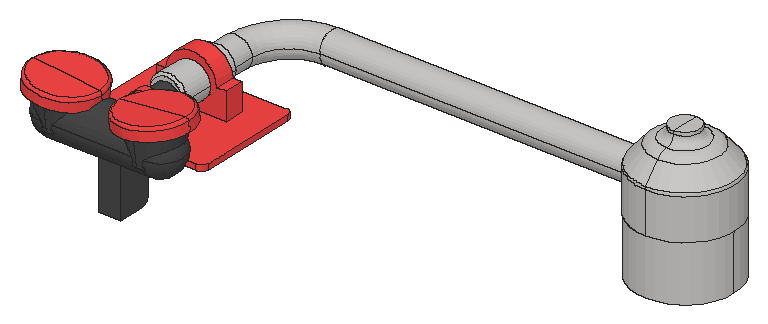
Revit family "Emergency_Equipment-Tepid-Swing_Over_Eye_Wash-S2260_S2261", category Plumbing Fixtures, Revit 2016
Family settings
  Part Type = Normal
  Round Connector Dimension = Use Diameter
  OmniClass Number = 23.45.05.14.24
  OmniClass Title = Eye Wash Fountains
  Work Plane-Based = Yes
  Always vertical = No
  Cut with Voids When Loaded = No
  Shared = No
  Room Calculation Point = No
Parameters (values of type "S2261-NP-NFT Right")
  nso [instance] = not([Swing Over / Actuate])  # yes
  Width = 1' - 2 77/256"  # constant formula
  Waste Connection = no
  Version = "2016-v1.0a"  # constant formula
  Vent Connection = no
  URL = "www.tepid.com"
  Swing Over / Actuate [instance] = no
  Right = not(Left)  # no
  Product Page URL = "http://www.tepid.com/products/s2260-np-nft-nana/"
  Product Name = "Deck Mounted Swing Out Eye Wash"  # constant formula
  Product Documentation Link = "http://www.tepid.com/wp-content/uploads/SpSh-S2260S2560.pdf"
  Pipe Finish = Metal - Stingray - Stainless Steel SS
  Model = "S2261-NP-NFT"
  Manufacturer Phone Number = "(888) 445-4142"  # constant formula
  Manufacturer Email = "customerservice@drenchshower.com"
  Manufacturer Address = "5330 East 25th Street Indianapolis Indiana 46218"  # constant formula
  Manufacturer = "Stingray Systems"  # constant formula
  Length = 1' - 2 77/256"  # constant formula
  Supply Connection = 1/2"  # constant formula
  Left = yes
  Height = 0' - 3 77/128"  # constant formula
  HW Connection = yes
  Filter = no
  Dimension Disclaimer = "Dimensions are ±0.50”. Design and specifications are subject to change without notice."  # constant formula
  Description = "Deck Mounted Eye Wash"  # constant formula
  Default Elevation = 4' - 0"
  Copyright = "© 2018 Stingray Systems"  # constant formula
  CW Connection = yes
  Angle [instance] = if(and(Left, [Swing Over / Actuate]), 90.00°, if(and(Right, [Swing Over / Actuate]), -90.00°, 0.00°))  # 0.00°
Types (5): name | Right | Model | Left | Filter
  (no name) | no | "S2261-NP-NFT" | yes | no
  S2261-NP-NFT Right | no | "S2261-NP-NFT" | yes | no
  S2260-NP-NFT Left | yes | "S2260-NP-NFT" | no | no
  S2260-NP-FLT Left | yes | "S2260-NP-FLT" | no | yes
  S2261-NP-FLT Right | no | "S2261-NP-FLT" | yes | yes
Reference planes (in)
  plane 1 "Center (Front/Back)": y = 0
  plane 2: z = 0
  plane 3 "Center (Left/Right)": x = 0
  plane 4 "R": z = 1.47976
  plane 5: z = 3.5
Forms (in)
  Extrusion 1, solid, material "Metal - Stingray - Stainless Steel SS" <- "Pipe Finish"
    sketch origin (0, 0, 5.37709) x (-1, 0, 0) y (0, -1, 0)
      loop
        circle (0, 0) r 1.3
    from -5.37709 to -3.89733
Lines and regions (in)
  reference lines
    curve 1: line (0, 0, 5.37709) -> (0, 6.5, 5.37709)
    curve 2: line (0, 0, 5.37709) -> (10.75, 0, 5.37709)
Dimensions and locks (in)
  locked: plane 4 "R" to plane 2 at 1.47976
  diameter of Extrusion 1 sketch curve = 0' - 2.6"
  locked: curve 2 to curve 1 (angle 90.00°)
  "Angle": angle plane 1 "Center (Front/Back)" to curve 2
  "Angle": angle plane 1 "Center (Front/Back)" to nested 1
  aligned and locked: plane 2 to level
  aligned and locked: plane 3 "Center (Left/Right)" to Extrusion 1 sketch curve
  aligned and locked: plane 1 "Center (Front/Back)" to Extrusion 1 sketch curve
  aligned and locked: Extrusion 1 to level
  aligned and locked: plane 4 "R" to Extrusion 1
  aligned and locked: plane 1 "Center (Front/Back)" to curve 1
  aligned and locked: plane 3 "Center (Left/Right)" to curve 1
  aligned and locked: curve 2 to nested 1
  aligned and locked: curve 1 to nested 1
Nested families (in)
  nested 1: "Swing_Over_Eye_Wash" at (0, 0, 1.47976) x (-1, 0, 0) z (0, 0, 1), type "Swing Over Eyewash"
Connectors (in)
  piping at (0, 0, 0), diameter 0.5, driven by "Supply Connection"
    settings: on Extrusion 1, index 1, connector inside diameter 24", connector length 0' - 0", flow factor 0, pipe flow 0 GPM, pressure drop 0.00 psi, fitting loss kfactor 0, connector angle 0.00°, fixture units 0, engagement length 0' - 0", angle of deflection 0.00°, flow configuration 0, flow direction 1, fitting loss method 0, system type 22, joint type 0, gender type 0, connector reference index -1, connector utility 0, adjustable connector no, is connector primary yes, connector description "Supply Connection"
Definition of nested family "Swing_Over_Eye_Wash"
  Parameters (values of type "Swing Over Eyewash")
    Width = 0' - 7 3/4"  # constant formula
    Waste Connection = no
    Version = "2015 v1.0a"  # constant formula
    Vent Connection = no
    URL = "www.tepid.com"
    Right = not(Left)  # no
    Product Page URL = ""
    Product Name = ""
    Product Documentation Link = ""
    Pipe Finish = none
    Model = ""
    Manufacturer Phone Number = "(888) 445-4142"  # constant formula
    Manufacturer Email = ""
    Manufacturer Address = "5330 East 25th Street Indianapolis Indiana 46218"  # constant formula
    Manufacturer = "Stingray Systems"  # constant formula
    Length = 1' - 2 1/2"  # constant formula
    Supply Connection = 1"  # constant formula
    Left = yes
    Height = 0' - 3 1/2"  # constant formula
    HW Connection = yes
    Drain Connection = 1"  # constant formula
    Description = ""
    Default Elevation = 4' - 0"
    Copyright = "© 2018 Stingray Systems"  # constant formula
    CW Connection = yes
  Reference planes (in)
    plane 1 "Center (Front/Back)": y = 0
    plane 2: z = 0
    plane 3 "Center (Left/Right)": x = 0
    plane 4 "C": x = 10.75
    plane 5 "c": z = 0.625
    plane 6 "L": y = 5.59375
    plane 7 "R": y = -5.59375
  Forms (in)
    Extrusion 1, solid, visible <- "Right"
      sketch origin (10.625, 2.12449, 2.40613) x (1, 0, 0) y (0, 1, 0)
        loop
          line (-1.41501, -6.81268) -> (1.66501, -6.81268)
          arc (1.66501, -6.81268) -> (1.80035, -6.75662) -> (1.85642, -6.62128) r 0.19141
          line (1.85642, -6.62128) -> (1.85642, -4.00409)
          arc (1.85642, -4.00409) -> (1.80035, -3.86875) -> (1.66501, -3.81268) r 0.19141
          line (1.66501, -3.81268) -> (-1.41394, -3.81268)
          arc (-1.41394, -3.81268) -> (-1.54929, -3.86875) -> (-1.60535, -4.00409) r 0.19141
          line (-1.60535, -4.00409) -> (-1.60535, -6.62235)
          arc (-1.60535, -6.62235) -> (-1.5496, -6.75694) -> (-1.41501, -6.81268) r 0.19034
      from -2.45774 to -2.602
    Revolve 2, solid, visible <- "Right"
      sketch origin (0, 0, 0.625) x (0, 1, 0) y (-1, 0, 0)
        loop
          arc (-5.59758, -8.80972) -> (-6.02665, -8.98745) -> (-6.20437, -9.41652) r 0.6068
          line (-6.20437, -9.41652) -> (-6.20437, -12.08348)
          arc (-6.20437, -12.08348) -> (-6.02665, -12.51255) -> (-5.59758, -12.69028) r 0.6068
          line (-5.59758, -12.69028) -> (-5.59758, -8.80972)
        axis (-5.59758, -8.80972) -> (-5.59758, -12.69028)
      angle from 0 to 360
    Revolve 3, solid, visible <- "Right"
      sketch origin (0, -5.59375, 0) x (1, 0, 0) y (0, 0, 1)
        loop
          line (9.60703, 1.53577) -> (9.57192, 1.20179) -> (10.50229, 1.104) -> (10.5288, 1.35617)
          arc (10.5288, 1.35617) -> (10.51442, 1.40777) -> (10.47542, 1.4445) r 0.09978
          line (10.47542, 1.4445) -> (9.60703, 1.53577)
        axis (9.57192, 1.20179) -> (9.60703, 1.53577)
      angle from 0 to 360
    SweptBlend 4, solid, visible <- "Right"
      path origin (10.75, 0, 0) x (0, -1, 0) y (0, 0, 1)
        loop
          line (5.59375, 0.38887) -> (5.59375, 1.30447)
      profile origin (10.75, -5.59375, 0.38887) x (0, 1, 0) y (-1, 0, 0)
        loop
          circle (0, 1.19806) r 0.59209
      end profile origin (10.75, -5.59375, 1.30447) x (0, 1, 0) y (-1, 0, 0)
        loop
          circle (0, 1.19806) r 0.72537
    Revolve 5, solid
      sketch origin (0, 0, -1.49204) x (0, 1, 0) y (0, 0, 1)
        loop
          line (0, 1.49204) -> (1.30913, 1.49204) -> (1.30913, 2.57383)
          arc (1.30913, 2.57383) -> (1.3032, 2.61564) -> (1.28792, 2.655) r 0.18435
          line (1.28792, 2.655) -> (0.89023, 3.11107)
          arc (0.89023, 3.11107) -> (0.75781, 3.21315) -> (0.59635, 3.25661) r 0.42729
          arc (0.59635, 3.25661) -> (0.43978, 3.33206) -> (0.37929, 3.495) r 0.23246
          line (0.37929, 3.495) -> (0.37929, 3.5756) -> (0, 3.5756) -> (0, 1.49204)
        axis (0, 1.49204) -> (0, 3.5756)
      angle from 0 to 360
    Extrusion 6, solid, visible <- "Right"
      sketch origin (10.625, 0.98297, 0.625) x (0, 0, -1) y (1, 0, 0)
        loop
          arc (-0.04972, 0.79978) -> (-0.67661, 0.125) -> (-0.04972, -0.54978) r 0.67661
          line (-0.04972, -0.54978) -> (-0.04972, -0.79978) -> (0.67661, -0.79978) -> (0.67661, 1.04978) -> (-0.04972, 1.04978) -> (-0.04972, 0.79978)
        loop
          circle (0, 0.125) r 0.48438
      from 3.36087 to 3.87291
    Extrusion 7, solid, visible <- "Right"
      sketch origin (10.75, 0.98297, 0.625) x (0, 0, -1) y (1, 0, 0)
        loop
          arc (0, 0.41953) -> (-0.41953, 0) -> (0, -0.41953) r 0.41953
          line (0, -0.41953) -> (0.625, -0.41953) -> (0.625, 0.41953) -> (0, 0.41953)
        loop
          circle (0, 0) r 0.3125
      from 5.24199 to 5.49502
    Extrusion 8, solid, visible <- "Right"
      sketch origin (10.73634, 6.40917, 0.625) x (0, 0, 1) y (0, -1, 0)
        loop
          line (0, 12) -> (-2.05923, 12) -> (-2.05923, 11.29429)
          arc (-2.05923, 11.29429) -> (-2.00745, 11.16929) -> (-1.88245, 11.11752) r 0.17678
          line (-1.88245, 11.11752) -> (0, 11.11752) -> (0, 12)
      from -0.27171 to 0.29904
    Revolve 9, solid, visible <- "Right"
      sketch origin (0, -5.59375, 0) x (1, 0, 0) y (0, 0, 1)
        loop
          line (11.89297, 1.53577) -> (11.02458, 1.4445)
          arc (11.02458, 1.4445) -> (10.98558, 1.40777) -> (10.9712, 1.35617) r 0.09978
          line (10.9712, 1.35617) -> (10.99771, 1.104) -> (11.92808, 1.20179) -> (11.89297, 1.53577)
        axis (11.92808, 1.20179) -> (11.89297, 1.53577)
      angle from 0 to 360
    SweptBlend 10, solid, visible <- "Right"
      path origin (10.75, 0, 0) x (0, -1, 0) y (0, 0, 1)
        loop
          line (5.59375, 0.38887) -> (5.59375, 1.30447)
      profile origin (10.75, -5.59375, 0.38887) x (0, 1, 0) y (-1, 0, 0)
        loop
          circle (0, -1.19806) r 0.59209
      end profile origin (10.75, -5.59375, 1.30447) x (0, 1, 0) y (-1, 0, 0)
        loop
          circle (0, -1.19806) r 0.72537
    Revolve 11, solid, material <- "Pipe Finish", visible <- "Right"
      sketch origin (0, 0, 0.625) x (0, 1, 0) y (-1, 0, 0)
        loop
          line (-5.48503, -10.75) -> (-5.48503, -11.29817) -> (-4.64668, -11.0625) -> (-3.71484, -11.0625) -> (-3.71484, -11.16953) -> (-3.65, -11.23438) -> (-2.04396, -11.23438) -> (-2.04396, -10.75) -> (-5.48503, -10.75)
        axis (-2.04396, -10.75) -> (-5.48503, -10.75)
      angle from 0 to 360
    Sweep 12, solid, material <- "Pipe Finish", visible <- "Right"
      path origin (0, 0, 0.625) x (0, 1, 0) y (-1, 0, 0)
        loop
          line (-2.04396, -10.75) -> (-1.4038, -10.75)
          arc (-1.4038, -10.75) -> (-0.41116, -10.33884) -> (0, -9.3462) r 1.4038
          line (0, -9.3462) -> (0, 0)
      profile origin (4.6731, 0, 0.625) x (0, -1, 0) y (0, 0, 1)
        loop
          circle (0, 0) r 0.40625
    Revolve 13, solid, material <- "Pipe Finish", visible <- "Left"
      sketch origin (0, 0, 0.625) x (0, -1, 0) y (-1, 0, 0)
        loop
          line (-5.48503, -10.75) -> (-5.48503, -11.29817) -> (-4.64668, -11.0625) -> (-3.71484, -11.0625) -> (-3.71484, -11.16953) -> (-3.65, -11.23438) -> (-2.04396, -11.23438) -> (-2.04396, -10.75) -> (-5.48503, -10.75)
        axis (-2.04396, -10.75) -> (-5.48503, -10.75)
      angle from 0 to 360
    Sweep 14, solid, material <- "Pipe Finish", visible <- "Left"
      path origin (0, 0, 0.625) x (0, -1, 0) y (-1, 0, 0)
        loop
          line (-2.04396, -10.75) -> (-1.4038, -10.75)
          arc (-1.4038, -10.75) -> (-0.41116, -10.33884) -> (0, -9.3462) r 1.4038
          line (0, -9.3462) -> (0, 0)
      profile origin (4.6731, 0, 0.625) x (0, -1, 0) y (0, 0, 1)
        loop
          circle (0, 0) r 0.40625
    Extrusion 15, solid, visible <- "Left"
      sketch origin (10.625, -2.12449, 2.40613) x (-1, 0, 0) y (0, -1, 0)
        loop
          arc (1.41501, -6.81268) -> (1.5496, -6.75694) -> (1.60535, -6.62235) r 0.19034
          line (1.60535, -6.62235) -> (1.60535, -4.00409)
          arc (1.60535, -4.00409) -> (1.54929, -3.86875) -> (1.41394, -3.81268) r 0.19141
          line (1.41394, -3.81268) -> (-1.66501, -3.81268)
          arc (-1.66501, -3.81268) -> (-1.80035, -3.86875) -> (-1.85642, -4.00409) r 0.19141
          line (-1.85642, -4.00409) -> (-1.85642, -6.62128)
          arc (-1.85642, -6.62128) -> (-1.80035, -6.75662) -> (-1.66501, -6.81268) r 0.19141
          line (-1.66501, -6.81268) -> (1.41501, -6.81268)
      from -2.45774 to -2.602
    Revolve 16, solid, visible <- "Left"
      sketch origin (0, 0, 0.625) x (0, -1, 0) y (-1, 0, 0)
        loop
          arc (-5.59758, -8.80972) -> (-6.02665, -8.98745) -> (-6.20437, -9.41652) r 0.6068
          line (-6.20437, -9.41652) -> (-6.20437, -12.08348)
          arc (-6.20437, -12.08348) -> (-6.02665, -12.51255) -> (-5.59758, -12.69028) r 0.6068
          line (-5.59758, -12.69028) -> (-5.59758, -8.80972)
        axis (-5.59758, -8.80972) -> (-5.59758, -12.69028)
      angle from 0 to 360
    Revolve 17, solid, visible <- "Left"
      sketch origin (0, 5.59375, 0) x (1, 0, 0) y (0, 0, 1)
        loop
          line (9.60703, 1.53577) -> (9.57192, 1.20179) -> (10.50229, 1.104) -> (10.5288, 1.35617)
          arc (10.5288, 1.35617) -> (10.51442, 1.40777) -> (10.47542, 1.4445) r 0.09978
          line (10.47542, 1.4445) -> (9.60703, 1.53577)
        axis (9.57192, 1.20179) -> (9.60703, 1.53577)
      angle from 0 to 360
    SweptBlend 18, solid, visible <- "Left"
      path origin (10.75, 0, 0) x (0, -1, 0) y (0, 0, 1)
        loop
          line (-5.59375, 0.38887) -> (-5.59375, 1.30447)
      profile origin (10.75, 5.59375, 0.38887) x (0, 1, 0) y (-1, 0, 0)
        loop
          circle (0, -1.19806) r 0.59209
      end profile origin (10.75, 5.59375, 1.30447) x (0, 1, 0) y (-1, 0, 0)
        loop
          circle (0, -1.19806) r 0.72537
    Extrusion 19, solid, visible <- "Left"
      sketch origin (10.625, -0.98297, 0.625) x (0, 0, -1) y (-1, 0, 0)
        loop
          line (-0.04972, -0.79978) -> (-0.04972, -1.04978) -> (0.67661, -1.04978) -> (0.67661, 0.79978) -> (-0.04972, 0.79978) -> (-0.04972, 0.54978)
          arc (-0.04972, 0.54978) -> (-0.67661, -0.125) -> (-0.04972, -0.79978) r 0.67661
        loop
          circle (0, -0.125) r 0.48438
      from 3.36087 to 3.87291
    Extrusion 20, solid, visible <- "Left"
      sketch origin (10.75, -0.98297, 0.625) x (0, 0, -1) y (-1, 0, 0)
        loop
          line (0, -0.41953) -> (0.625, -0.41953) -> (0.625, 0.41953) -> (0, 0.41953)
          arc (0, 0.41953) -> (-0.41953, 0) -> (0, -0.41953) r 0.41953
        loop
          circle (0, 0) r 0.3125
      from 5.24199 to 5.49502
    Extrusion 21, solid, visible <- "Left"
      sketch origin (10.73634, -6.40917, 0.625) x (0, 0, 1) y (0, -1, 0)
        loop
          line (0, -12) -> (0, -11.11752) -> (-1.88245, -11.11752)
          arc (-1.88245, -11.11752) -> (-2.00745, -11.16929) -> (-2.05923, -11.29429) r 0.17678
          line (-2.05923, -11.29429) -> (-2.05923, -12) -> (0, -12)
      from -0.27171 to 0.29904
    Revolve 22, solid, visible <- "Left"
      sketch origin (0, 5.59375, 0) x (1, 0, 0) y (0, 0, 1)
        loop
          line (11.89297, 1.53577) -> (11.02458, 1.4445)
          arc (11.02458, 1.4445) -> (10.98558, 1.40777) -> (10.9712, 1.35617) r 0.09978
          line (10.9712, 1.35617) -> (10.99771, 1.104) -> (11.92808, 1.20179) -> (11.89297, 1.53577)
        axis (11.92808, 1.20179) -> (11.89297, 1.53577)
      angle from 0 to 360
    SweptBlend 23, solid, visible <- "Left"
      path origin (10.75, 0, 0) x (0, -1, 0) y (0, 0, 1)
        loop
          line (-5.59375, 0.38887) -> (-5.59375, 1.30447)
      profile origin (10.75, 5.59375, 0.38887) x (0, 1, 0) y (-1, 0, 0)
        loop
          circle (0, 1.19806) r 0.59209
      end profile origin (10.75, 5.59375, 1.30447) x (0, 1, 0) y (-1, 0, 0)
        loop
          circle (0, 1.19806) r 0.72537
  Cuts and joins
    joined: Extrusion 1, Extrusion 6, Extrusion 7
    joined: Revolve 11, Sweep 12
    joined: Revolve 13, Sweep 14
    joined: Extrusion 15, Extrusion 19, Extrusion 20
    joined: Revolve 16, Extrusion 21
    joined: Revolve 2, Extrusion 8
  Lines and regions (in)
    Masking region 1, visible <- "Left", detail levels medium+fine
      outline origin (0, 0, 0.625) x (0, 1, 0) y (-1, 0, 0)
        loop
          arc (-0.40625, -9.3754) -> (0.11557, -10.6352) -> (1.37537, -11.15702) r 1.78162
          line (1.37537, -11.15702) -> (2.04396, -11.15702) -> (2.04396, -11.23438) -> (2.3779, -11.23438) -> (2.3779, -11.67478) -> (2.88994, -11.67478) -> (2.88994, -11.23438) -> (3.65, -11.23438) -> (3.71484, -11.16953) -> (3.71484, -11.0625) -> (4.25902, -11.0625) -> (4.25902, -11.16953) -> (4.51205, -11.16953) -> (4.51205, -11.0625) -> (4.64668, -11.0625) -> (4.99045, -11.15809) -> (4.99045, -11.19083)
          arc (4.99045, -11.19083) -> (5.59361, -12.83194) -> (6.19727, -11.19101) r 0.93145
          line (6.19727, -11.19101) -> (6.19727, -10.30899)
          arc (6.19727, -10.30899) -> (5.59361, -8.66806) -> (4.99045, -10.30917) r 0.93145
          line (4.99045, -10.30917) -> (4.99045, -10.34191) -> (4.64668, -10.4375) -> (4.51205, -10.4375) -> (4.51205, -10.33047) -> (4.25902, -10.33047) -> (4.25902, -10.4375) -> (3.71484, -10.4375) -> (3.71484, -10.33047) -> (3.65, -10.26563) -> (2.88994, -10.26563) -> (2.88994, -9.82522) -> (2.3779, -9.82522) -> (2.3779, -10.26563) -> (2.04396, -10.26563) -> (2.04396, -10.34452) -> (1.37537, -10.34452)
          arc (1.37537, -10.34452) -> (0.6901, -10.06067) -> (0.40625, -9.3754) r 0.96912
          line (0.40625, -9.3754) -> (0.40625, -1.2445)
          arc (0.40625, -1.2445) -> (0, 1.30913) -> (-0.40625, -1.2445) r 1.30913
          line (-0.40625, -1.2445) -> (-0.40625, -9.3754)
    Masking region 2, visible <- "Right", detail levels medium+fine
      outline origin (0, 0, 0.625) x (-1, 0, 0) y (0, -1, 0)
        loop
          line (-9.3754, -0.40625) -> (-1.2445, -0.40625)
          arc (-1.2445, -0.40625) -> (1.30913, 0) -> (-1.2445, 0.40625) r 1.30913
          line (-1.2445, 0.40625) -> (-9.3754, 0.40625)
          arc (-9.3754, 0.40625) -> (-10.06067, 0.6901) -> (-10.34452, 1.37537) r 0.96912
          line (-10.34452, 1.37537) -> (-10.34452, 2.04396) -> (-10.26563, 2.04396) -> (-10.26563, 2.3779) -> (-9.82522, 2.3779) -> (-9.82522, 2.88994) -> (-10.26563, 2.88994) -> (-10.26563, 3.65) -> (-10.33047, 3.71484) -> (-10.4375, 3.71484) -> (-10.4375, 4.25902) -> (-10.33047, 4.25902) -> (-10.33047, 4.51205) -> (-10.4375, 4.51205) -> (-10.4375, 4.64668) -> (-10.34191, 4.99045) -> (-10.30917, 4.99045)
          arc (-10.30917, 4.99045) -> (-8.66806, 5.59361) -> (-10.30899, 6.19727) r 0.93145
          line (-10.30899, 6.19727) -> (-11.19101, 6.19727)
          arc (-11.19101, 6.19727) -> (-12.83194, 5.59361) -> (-11.19083, 4.99045) r 0.93145
          line (-11.19083, 4.99045) -> (-11.15809, 4.99045) -> (-11.0625, 4.64668) -> (-11.0625, 4.51205) -> (-11.16953, 4.51205) -> (-11.16953, 4.25902) -> (-11.0625, 4.25902) -> (-11.0625, 3.71484) -> (-11.16953, 3.71484) -> (-11.23438, 3.65) -> (-11.23438, 2.88994) -> (-11.67478, 2.88994) -> (-11.67478, 2.3779) -> (-11.23438, 2.3779) -> (-11.23438, 2.04396) -> (-11.15702, 2.04396) -> (-11.15702, 1.37537)
          arc (-11.15702, 1.37537) -> (-10.6352, 0.11557) -> (-9.3754, -0.40625) r 1.78162
    Masking region 3, visible <- "Left", detail levels coarse
      outline origin (0, 0, 0.625) x (0, 1, 0) y (-1, 0, 0)
        loop
          line (-0.40625, -1.2445) -> (-0.40625, -9.3754)
          arc (-0.40625, -9.3754) -> (0.11512, -10.63411) -> (1.37383, -11.15548) r 1.78008
          line (1.37383, -11.15548) -> (4.6623, -11.15548) -> (4.6623, -11.90049)
          arc (4.6623, -11.90049) -> (5.59375, -12.83194) -> (6.5252, -11.90049) r 0.93145
          line (6.5252, -11.90049) -> (6.5252, -9.59951)
          arc (6.5252, -9.59951) -> (5.59375, -8.66806) -> (4.6623, -9.59951) r 0.93145
          line (4.6623, -9.59951) -> (4.6623, -10.34452) -> (1.37537, -10.34452)
          arc (1.37537, -10.34452) -> (0.6901, -10.06067) -> (0.40625, -9.3754) r 0.96912
          line (0.40625, -9.3754) -> (0.40625, -1.2445)
          arc (0.40625, -1.2445) -> (0, 1.30913) -> (-0.40625, -1.2445) r 1.30913
    Masking region 4, visible <- "Right", detail levels coarse
      outline origin (0, 0, 0.625) x (-1, 0, 0) y (0, -1, 0)
        loop
          arc (-1.2445, -0.40625) -> (1.30913, 0) -> (-1.2445, 0.40625) r 1.30913
          line (-1.2445, 0.40625) -> (-9.3754, 0.40625)
          arc (-9.3754, 0.40625) -> (-10.06067, 0.6901) -> (-10.34452, 1.37537) r 0.96912
          line (-10.34452, 1.37537) -> (-10.34452, 4.6623) -> (-9.59951, 4.6623)
          arc (-9.59951, 4.6623) -> (-8.66806, 5.59375) -> (-9.59951, 6.5252) r 0.93145
          line (-9.59951, 6.5252) -> (-11.90049, 6.5252)
          arc (-11.90049, 6.5252) -> (-12.83194, 5.59375) -> (-11.90049, 4.6623) r 0.93145
          line (-11.90049, 4.6623) -> (-11.15548, 4.6623) -> (-11.15548, 1.37383)
          arc (-11.15548, 1.37383) -> (-10.63411, 0.11512) -> (-9.3754, -0.40625) r 1.78008
          line (-9.3754, -0.40625) -> (-1.2445, -0.40625)
    Masking region 5, visible <- "Left", detail levels fine
      outline origin (0, 0, 0) x (1, 0, 0) y (0, 1, 0)
        loop
          line (12.29001, 4.68819) -> (9.20999, 4.68819)
          arc (9.20999, 4.68819) -> (9.0754, 4.63244) -> (9.01965, 4.49785) r 0.19034
          line (9.01965, 4.49785) -> (9.01965, 1.8796)
          arc (9.01965, 1.8796) -> (9.07571, 1.74425) -> (9.21106, 1.68819) r 0.19141
          line (9.21106, 1.68819) -> (12.28894, 1.68819)
          arc (12.28894, 1.68819) -> (12.42429, 1.74425) -> (12.48035, 1.8796) r 0.19141
          line (12.48035, 1.8796) -> (12.48035, 4.49785)
          arc (12.48035, 4.49785) -> (12.4246, 4.63244) -> (12.29001, 4.68819) r 0.19034
    Masking region 6, visible <- "Right", detail levels fine
      outline origin (0, 0, 0) x (0, -1, 0) y (1, 0, 0)
        loop
          arc (4.68819, 12.29001) -> (4.63244, 12.4246) -> (4.49785, 12.48035) r 0.19034
          line (4.49785, 12.48035) -> (1.8796, 12.48035)
          arc (1.8796, 12.48035) -> (1.74425, 12.42429) -> (1.68819, 12.28894) r 0.19141
          line (1.68819, 12.28894) -> (1.68819, 9.21106)
          arc (1.68819, 9.21106) -> (1.74425, 9.07571) -> (1.8796, 9.01965) r 0.19141
          line (1.8796, 9.01965) -> (4.49785, 9.01965)
          arc (4.49785, 9.01965) -> (4.63244, 9.0754) -> (4.68819, 9.20999) r 0.19034
          line (4.68819, 9.20999) -> (4.68819, 12.29001)
    Masking region 7, detail levels fine
      outline origin (0, 0, 0.625) x (0, 1, 0) y (-1, 0, 0)
        loop
          circle (0, 0) r 0.40625
    symbolic lines, detail levels fine
      curve 1: arc (1.2445, 0.40625, 0.625) -> (1.30913, 0, 0.625) -> (1.2445, -0.40625, 0.625) r 1.30913
    symbolic lines, visible <- "Left", detail levels fine
      curve 2: line (10.26563, 2.3779, 0.625) -> (11.23438, 2.3779, 0.625)
      curve 3: line (11.23438, 2.88994, 0.625) -> (10.26563, 2.88994, 0.625)
      curve 4: line (10.4375, 4.25902, 0.625) -> (11.0625, 4.25902, 0.625)
      curve 5: line (11.0625, 4.51205, 0.625) -> (10.4375, 4.51205, 0.625)
      curve 6: line (10.30917, 4.99045, 0.625) -> (11.19083, 4.99045, 0.625)
      curve 12: arc (10.31484, 6.19032, 0.625) -> (10.53095, 5.58935, 0.625) -> (10.30917, 4.99045, 0.625) r 0.93145
      curve 13: arc (11.18516, 6.19032, 0.625) -> (10.96905, 5.58935, 0.625) -> (11.19083, 4.99045, 0.625) r 0.93145
    symbolic lines, visible <- "Right", detail levels fine
      curve 7: line (10.26563, -2.3779, 0.625) -> (11.23438, -2.3779, 0.625)
      curve 8: line (11.23438, -2.88994, 0.625) -> (10.26563, -2.88994, 0.625)
      curve 9: line (10.4375, -4.25902, 0.625) -> (11.0625, -4.25902, 0.625)
      curve 10: line (11.0625, -4.51205, 0.625) -> (10.4375, -4.51205, 0.625)
      curve 11: line (10.30917, -4.99045, 0.625) -> (11.19083, -4.99045, 0.625)
      curve 14: arc (10.31484, -6.19032, 0.625) -> (10.53095, -5.58935, 0.625) -> (10.30917, -4.99045, 0.625) r 0.93145
      curve 15: arc (11.18516, -6.19032, 0.625) -> (10.96905, -5.58935, 0.625) -> (11.19083, -4.99045, 0.625) r 0.93145
  Dimensions and locks (in)
    Extrusion 1 sketch curve to Extrusion 1 sketch curve to Extrusion 1 sketch curve to plane 4 "C" to Extrusion 1 sketch curve to Extrusion 1 sketch curve to Extrusion 1 sketch curve = 0' - 0 49/256" locked, 0' - 0" locked, 0' - 1.54001" locked, 0' - 1.53894" locked, 0' - 0.00107" locked, 0' - 0.19034" locked
    plane 1 "Center (Front/Back)" to Extrusion 1 sketch curve to Extrusion 1 sketch curve to Extrusion 1 sketch curve to Extrusion 1 sketch curve to Extrusion 1 sketch curve to Extrusion 1 sketch curve = 0' - 1.68819" locked, 0' - 0 49/256" locked, 0' - 0" locked, 0' - 2 79/128" locked, 0' - 0.00107" locked, 0' - 0.19034" locked
    Revolve 2 sketch curve to Revolve 2 sketch curve to Revolve 2 sketch curve = 0' - 0.6068" locked, 0' - 0" locked
    plane 1 "Center (Front/Back)" to Revolve 2 sketch curve to Revolve 2 sketch curve to Revolve 2 sketch curve to Revolve 2 sketch curve = 0' - 5.59758" locked, 0' - 0" locked, 0' - 0.6068" locked, 0' - 0" locked
    SweptBlend 4 sketch curve to SweptBlend 4 sketch curve to plane 1 "Center (Front/Back)" = 0' - 0" locked, 0' - 5 19/32" locked
    locked: plane 1 "Center (Front/Back)" to SweptBlend 4 sketch curve at 5.59375  (x2)
    Revolve 3 sketch curve to Revolve 3 sketch curve to Revolve 3 sketch curve to Revolve 3 sketch curve to Revolve 3 sketch curve to plane 4 "C" = 0' - 0.0351" locked, 0' - 0.86839" locked, 0' - 0.02687" locked, 0' - 0.0265" locked, 0' - 0.2212" locked
    plane 5 "c" to Revolve 3 sketch curve to Revolve 3 sketch curve to Revolve 3 sketch curve to Revolve 3 sketch curve to Revolve 3 sketch curve = 0' - 0.479" locked, 0' - 0.09779" locked, 0' - 0.15438" locked, 0' - 0.08833" locked, 0' - 0.09127" locked
    Extrusion 6 sketch curve to plane 5 "c" to Extrusion 6 sketch curve to Extrusion 6 sketch curve = 0' - 0.67661" locked, 0' - 0.04972" locked, 0' - 0" locked
    Extrusion 7 sketch curve to plane 4 "C" to Extrusion 7 sketch curve = 0' - 0.41953" locked, 0' - 0.41953" locked
    Extrusion 8 sketch curve to Extrusion 8 sketch curve to Extrusion 8 sketch curve to plane 1 "Center (Front/Back)" = 0' - 0.70571" locked, 0' - 0.17678" locked, 0' - 4.70834" locked
    Extrusion 8 sketch curve to plane 2 to Extrusion 8 sketch curve to Extrusion 8 sketch curve = 0' - 0 5/8" locked, 0' - 1.25745" locked, 0' - 0.17678" locked
    locked: plane 3 "Center (Left/Right)" to plane 4 "C" at 10.75
    plane 1 "Center (Front/Back)" to SweptBlend 10 sketch curve to SweptBlend 10 sketch curve = 0' - 5 19/32" locked, 0' - 0" locked
    plane 4 "C" to Revolve 9 sketch curve to Revolve 9 sketch curve to Revolve 9 sketch curve to Revolve 9 sketch curve to Revolve 9 sketch curve = 0' - 0.2212" locked, 0' - 0.0265" locked, 0' - 0.02687" locked, 0' - 0.86839" locked, 0' - 0.0351" locked
    plane 5 "c" to Revolve 9 sketch curve to Revolve 9 sketch curve to Revolve 9 sketch curve to Revolve 9 sketch curve to Revolve 9 sketch curve = 0' - 0.479" locked, 0' - 0.09779" locked, 0' - 0.15438" locked, 0' - 0.08833" locked, 0' - 0.09127" locked
    locked: plane 5 "c" to level at 0.625
    Revolve 11 sketch curve to plane 4 "C" to Revolve 11 sketch curve to Revolve 11 sketch curve to Revolve 11 sketch curve to Revolve 11 sketch curve = 0' - 0" locked, 0' - 0 5/16" locked, 0' - 0.10703" locked, 0' - 0.06484" locked, 0' - 0.06379" locked
    plane 1 "Center (Front/Back)" to Revolve 11 sketch curve to Revolve 11 sketch curve to Revolve 11 sketch curve to Revolve 11 sketch curve to Revolve 11 sketch curve = 0' - 2.04396" locked, 0' - 1.60604" locked, 0' - 0.06484" locked, 0' - 0.93184" locked, 0' - 0.83835" locked
    Sweep 12 sketch curve to Sweep 12 sketch curve to plane 1 "Center (Front/Back)" = 0' - 0.64016" locked, 0' - 1.4038" locked
    Revolve 13 sketch curve to plane 4 "C" to Revolve 13 sketch curve to Revolve 13 sketch curve to Revolve 13 sketch curve to Revolve 13 sketch curve = 0' - 0" locked, 0' - 0 5/16" locked, 0' - 0.10703" locked, 0' - 0.06484" locked, 0' - 0.06379" locked
    plane 1 "Center (Front/Back)" to Revolve 13 sketch curve to Revolve 13 sketch curve to Revolve 13 sketch curve to Revolve 13 sketch curve to Revolve 13 sketch curve = 0' - 2.04396" locked, 0' - 1.60604" locked, 0' - 0.06484" locked, 0' - 0.93184" locked, 0' - 0.83835" locked
    Extrusion 15 sketch curve to Extrusion 15 sketch curve to Extrusion 15 sketch curve to plane 4 "C" to Extrusion 15 sketch curve to Extrusion 15 sketch curve to Extrusion 15 sketch curve = 0' - 0.19034" locked, 0' - 0.00107" locked, 0' - 1.53894" locked, 0' - 1.54001" locked, 0' - 0" locked, 0' - 0 49/256" locked
    plane 1 "Center (Front/Back)" to Extrusion 15 sketch curve to Extrusion 15 sketch curve to Extrusion 15 sketch curve to Extrusion 15 sketch curve to Extrusion 15 sketch curve to Extrusion 15 sketch curve = 0' - 1.68819" locked, 0' - 0 49/256" locked, 0' - 0" locked, 0' - 2 79/128" locked, 0' - 0.00107" locked, 0' - 0.19034" locked
    Revolve 16 sketch curve to Revolve 16 sketch curve to Revolve 16 sketch curve = 0' - 0.6068" locked, 0' - 0" locked
    plane 1 "Center (Front/Back)" to Revolve 16 sketch curve to Revolve 16 sketch curve to Revolve 16 sketch curve to Revolve 16 sketch curve = 0' - 5.59758" locked, 0' - 0" locked, 0' - 0.6068" locked, 0' - 0" locked
    plane 1 "Center (Front/Back)" to SweptBlend 18 sketch curve to SweptBlend 18 sketch curve = 0' - 5 19/32" locked, 0' - 0" locked
    plane 4 "C" to Revolve 17 sketch curve to Revolve 17 sketch curve to Revolve 17 sketch curve to Revolve 17 sketch curve to Revolve 17 sketch curve = 0' - 0.2212" locked, 0' - 0.0265" locked, 0' - 0.02687" locked, 0' - 0.86839" locked, 0' - 0.0351" locked
    plane 5 "c" to Revolve 17 sketch curve to Revolve 17 sketch curve to Revolve 17 sketch curve to Revolve 17 sketch curve to Revolve 17 sketch curve = 0' - 0.479" locked, 0' - 0.09779" locked, 0' - 0.15438" locked, 0' - 0.08833" locked, 0' - 0.09127" locked
    Extrusion 19 sketch curve to plane 5 "c" to Extrusion 19 sketch curve to Extrusion 19 sketch curve = 0' - 0.67661" locked, 0' - 0.04972" locked, 0' - 0" locked
    Extrusion 20 sketch curve to plane 4 "C" to Extrusion 20 sketch curve = 0' - 0.41953" locked, 0' - 0.41953" locked
    plane 1 "Center (Front/Back)" to Extrusion 21 sketch curve to Extrusion 21 sketch curve to Extrusion 21 sketch curve = 0' - 4.70834" locked, 0' - 0.17678" locked, 0' - 0.70571" locked
    Extrusion 21 sketch curve to level to Extrusion 21 sketch curve to Extrusion 21 sketch curve = 0' - 0 5/8" locked, 0' - 1.25745" locked, 0' - 0.17678" locked
    SweptBlend 23 sketch curve to SweptBlend 23 sketch curve to plane 1 "Center (Front/Back)" = 0' - 0" locked, 0' - 5 19/32" locked
    Revolve 22 sketch curve to Revolve 22 sketch curve to Revolve 22 sketch curve to Revolve 22 sketch curve to Revolve 22 sketch curve to plane 4 "C" = 0' - 0.0351" locked, 0' - 0.86839" locked, 0' - 0.02687" locked, 0' - 0.0265" locked, 0' - 0.2212" locked
    plane 5 "c" to Revolve 22 sketch curve to Revolve 22 sketch curve to Revolve 22 sketch curve to Revolve 22 sketch curve to Revolve 22 sketch curve = 0' - 0.479" locked, 0' - 0.09779" locked, 0' - 0.15438" locked, 0' - 0.08833" locked, 0' - 0.09127" locked
    Revolve 5 sketch curve to Revolve 5 sketch curve to Revolve 5 sketch curve to Revolve 5 sketch curve to Revolve 5 sketch curve to plane 1 "Center (Front/Back)" to Revolve 5 sketch curve to Revolve 5 sketch curve = 0' - 0.02122" locked, 0' - 0.39769" locked, 0' - 0.29388" locked, 0' - 0.21705" locked, 0' - 0.37929" locked, 0' - 0" locked, 0' - 0" locked
    Revolve 5 sketch curve to Revolve 5 sketch curve to Revolve 5 sketch curve to Revolve 5 sketch curve to Revolve 5 sketch curve to Revolve 5 sketch curve to plane 2 to Revolve 5 sketch curve = 0' - 0.08061" locked, 0' - 0.23839" locked, 0' - 0.14554" locked, 0' - 0.45607" locked, 0' - 0.08118" locked, 0' - 1.08179" locked, 0' - 0" locked
    plane 1 "Center (Front/Back)" to Sweep 14 sketch curve to Sweep 14 sketch curve = 0' - 1.4038" locked, 0' - 0.64016" locked
    locked: Sweep 14 sketch curve to plane 4 "C" at 1.4038
    locked: Sweep 12 sketch curve to plane 4 "C" at 1.4038
    Extrusion 8 to plane 4 "C" to Extrusion 8 = 0' - 0.28537" locked, 0' - 0.28537" locked
    Extrusion 21 to plane 4 "C" to Extrusion 21 = 0' - 0.28537" locked, 0' - 0.28537" locked
    Extrusion 20 to Extrusion 20 to Extrusion 19 to Extrusion 19 to plane 1 "Center (Front/Back)" to cut or joined group of Extrusion 1, Extrusion 6, Extrusion 7 to cut or joined group of Extrusion 1, Extrusion 6, Extrusion 7 to cut or joined group of Extrusion 1, Extrusion 6, Extrusion 7 to cut or joined group of Extrusion 1, Extrusion 6, Extrusion 7 = 0' - 0.25302" locked, 0' - 1.36909" locked, 0' - 0.51204" locked, 0' - 2.3779" locked, 0' - 2.3779" locked, 0' - 0.51204" locked, 0' - 1.36909" locked, 0' - 0.25302" locked
    Extrusion 19 sketch curve to Extrusion 19 sketch curve to plane 4 "C" to Extrusion 19 sketch curve to Extrusion 19 sketch curve = 0' - 0 1/4" locked, 0' - 0.67478" locked, 0' - 0.67478" locked, 0' - 0 1/4" locked
    Extrusion 6 sketch curve to Extrusion 6 sketch curve to plane 4 "C" to Extrusion 6 sketch curve to Extrusion 6 sketch curve = 0' - 0 1/4" locked, 0' - 0.67478" locked, 0' - 0.67478" locked, 0' - 0 1/4" locked
    plane 2 to cut or joined group of Extrusion 1, Extrusion 6, Extrusion 7 to Extrusion 15 to cut or joined group of Extrusion 1, Extrusion 6, Extrusion 7 to Extrusion 15 = 0' - 0.05161" locked, 0' - 0" locked, 0' - 0.14426" locked, 0' - 0" locked
    Revolve 2 sketch curve to Revolve 2 sketch curve to plane 4 "C" to Revolve 2 sketch curve to Revolve 2 sketch curve = 0' - 0.6068" locked, 0' - 1.33348" locked, 0' - 1.33348" locked, 0' - 0.6068" locked
    Revolve 16 sketch curve to Revolve 16 sketch curve to plane 4 "C" to Revolve 16 sketch curve to Revolve 16 sketch curve = 0' - 0.6068" locked, 0' - 1.33348" locked, 0' - 1.33348" locked, 0' - 0.6068" locked
    locked: plane 4 "C" to SweptBlend 10 sketch curve at 1.19806  (x2)
    locked: SweptBlend 10 sketch curve to plane 1 "Center (Front/Back)" at 5.59375  (x2)
    locked: SweptBlend 4 sketch curve to plane 4 "C" at 1.19806  (x2)
    locked: SweptBlend 23 sketch curve to plane 4 "C" at 1.19806  (x2)
    locked: plane 1 "Center (Front/Back)" to SweptBlend 23 sketch curve at 5.59375  (x2)
    locked: plane 4 "C" to SweptBlend 18 sketch curve at 1.19806  (x2)
    locked: plane 1 "Center (Front/Back)" to SweptBlend 18 sketch curve at 5.59375  (x2)
    plane 6 "L" to plane 1 "Center (Front/Back)" to plane 7 "R" = 0' - 5 19/32" locked, 0' - 5 19/32" locked
    Masking region 1 sketch curve to plane 1 "Center (Front/Back)" to Masking region 1 sketch curve to Masking region 1 sketch curve to Masking region 1 sketch curve = 0' - 0 13/32" locked, 0' - 0 13/32" locked, 0' - 0.96912" locked, 0' - 0" locked
    Masking region 1 sketch curve to Masking region 1 sketch curve to Masking region 1 sketch curve to Masking region 1 sketch curve to Masking region 1 sketch curve to Masking region 1 sketch curve to Masking region 1 sketch curve to Masking region 1 sketch curve to Masking region 1 sketch curve to Masking region 1 sketch curve to Masking region 1 sketch curve to Masking region 1 sketch curve to Masking region 1 sketch curve to Masking region 1 sketch curve to Masking region 1 sketch curve to Masking region 1 sketch curve to Masking region 1 sketch curve to Masking region 1 sketch curve to plane 6 "L" to Masking region 1 sketch curve = 0' - 0" locked, 0' - 0.33393" locked, 0' - 0" locked, 0' - 0.51204" locked, 0' - 0" locked, 0' - 0.76006" locked, 0' - 0" locked, 0' - 0.06484" locked, 0' - 0" locked, 0' - 0.54418" locked, 0' - 0" locked, 0' - 0.25302" locked, 0' - 0" locked, 0' - 0.13463" locked, 0' - 0" locked, 0' - 0 11/32" locked, 0' - 0" locked, 0' - 0.6033" locked, 0' - 0.60352" locked
    Masking region 2 sketch curve to Masking region 2 sketch curve to Masking region 2 sketch curve to Masking region 2 sketch curve = 0' - 0 13/16", 0' - 0.96912" locked, 0' - 0" locked
    Masking region 2 sketch curve to Masking region 2 sketch curve to Masking region 2 sketch curve to Masking region 2 sketch curve to Masking region 2 sketch curve to Masking region 2 sketch curve to Masking region 2 sketch curve to Masking region 2 sketch curve to Masking region 2 sketch curve to Masking region 2 sketch curve to Masking region 2 sketch curve to Masking region 2 sketch curve to Masking region 2 sketch curve to Masking region 2 sketch curve to Masking region 2 sketch curve to Masking region 2 sketch curve to Masking region 2 sketch curve to Masking region 2 sketch curve to Masking region 2 sketch curve = 0' - 0" locked, 0' - 0.33393" locked, 0' - 0" locked, 0' - 0.51204" locked, 0' - 0" locked, 0' - 0.76006" locked, 0' - 0" locked, 0' - 0.06484" locked, 0' - 0" locked, 0' - 0.54418" locked, 0' - 0" locked, 0' - 0.25302" locked, 0' - 0" locked, 0' - 0.13463" locked, 0' - 0" locked, 0' - 0 11/32" locked, 0' - 0" locked, 0' - 1.20683"
    cut or joined group of Extrusion 15, Extrusion 19, Extrusion 20 to Masking region 5 sketch curve to Masking region 5 sketch curve to plane 4 "C" to Masking region 5 sketch curve to Masking region 5 sketch curve to cut or joined group of Extrusion 15, Extrusion 19, Extrusion 20 = 0' - 0.19034" locked, 0' - 0.00107" locked, 0' - 1.53894" locked, 0' - 1.53894" locked, 0' - 0.00107" locked, 0' - 0 49/256" locked
    cut or joined group of Extrusion 15, Extrusion 19, Extrusion 20 to Masking region 5 sketch curve to Masking region 5 sketch curve to Masking region 5 sketch curve to Masking region 5 sketch curve to Masking region 5 sketch curve to plane 6 "L" = 0' - 0 49/256" locked, 0' - 0" locked, 0' - 2.61826" locked, 0' - 0" locked, 0' - 0.19034" locked, 0' - 0.90556" locked
    Masking region 6 sketch curve to Masking region 6 sketch curve to Masking region 6 sketch curve to Masking region 6 sketch curve = 0' - 0.00107" locked, 0' - 3.07788", 0' - 0.00107" locked
    Masking region 6 sketch curve to Masking region 6 sketch curve to Masking region 6 sketch curve to Masking region 6 sketch curve to Masking region 6 sketch curve = 0' - 0" locked, 0' - 2.61826" locked, 0' - 0" locked, 0' - 0.19034" locked
    diameter of Sweep 12 sketch curve = 0' - 0 13/16"
    diameter of Sweep 14 sketch curve = 0' - 0 13/16"
    aligned and locked: plane 2 to level
    aligned and locked: plane 4 "C" to Revolve 11 sketch curve
    aligned and locked: Sweep 12 sketch curve to plane 1 "Center (Front/Back)"
    aligned and locked: plane 4 "C" to Sweep 12 sketch curve  (x2)
    aligned and locked: plane 1 "Center (Front/Back)" to Sweep 12 sketch curve  (x2)
    aligned and locked: plane 5 "c" to Sweep 12 sketch curve
    aligned and locked: plane 1 "Center (Front/Back)" to Revolve 11 sketch curve
    aligned and locked: Sweep 14 sketch curve to plane 1 "Center (Front/Back)"
    aligned and locked: Sweep 14 sketch curve to plane 4 "C"
    aligned and locked: plane 3 "Center (Left/Right)" to Sweep 14 sketch curve
    aligned and locked: plane 1 "Center (Front/Back)" to Sweep 14 sketch curve
    aligned and locked: plane 5 "c" to Sweep 14 sketch curve
    aligned and locked: plane 3 "Center (Left/Right)" to Sweep 12 sketch curve
    aligned and locked: plane 4 "C" to Extrusion 20 sketch curve
    aligned and locked: plane 5 "c" to Extrusion 20 sketch curve
    aligned and locked: Extrusion 20 sketch curve to plane 2
    aligned and locked: plane 5 "c" to Extrusion 19 sketch curve
    aligned and locked: plane 4 "C" to Extrusion 19 sketch curve
    aligned and locked: plane 5 "c" to Extrusion 6 sketch curve
    aligned and locked: plane 4 "C" to Extrusion 6 sketch curve
    aligned and locked: plane 4 "C" to Extrusion 7 sketch curve
    aligned and locked: plane 5 "c" to Extrusion 7 sketch curve
    aligned and locked: Extrusion 7 sketch curve to plane 2
    aligned and locked: SweptBlend 10 sketch curve to plane 4 "C"
    aligned and locked: SweptBlend 4 sketch curve to plane 4 "C"
    aligned and locked: plane 6 "L" to Masking region 1 sketch curve  (x2)
    aligned and locked: plane 3 "Center (Left/Right)" to Masking region 1 sketch curve
    aligned and locked: plane 1 "Center (Front/Back)" to Masking region 1 sketch curve
